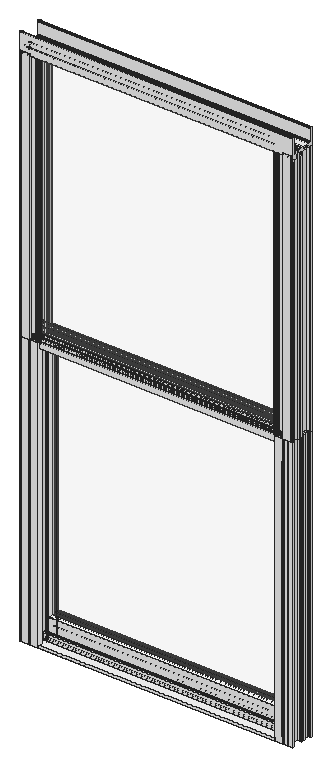
Revit family "Window_H650_Single-Hung-12-lb_Quaker", category Windows, host Wall, Revit 2026 (continued)
Definition of nested family "H650 Single Hung 12 lb-Window"
  Automatic sketch dimensions
    Sweep 4 sketch curve to Sweep 4 sketch curve = 0' - 0.23089"
    Sweep 4 sketch curve to Sweep 4 sketch curve = 0' - 0.10276"  (x2)
    Sweep 4 sketch curve to Sweep 4 sketch curve = 0' - 0.0175"  (x4)
    Sweep 4 sketch curve to Sweep 4 sketch curve = 0' - 0.03147"
    Sweep 4 sketch curve to Sweep 4 sketch curve = 0' - 0.13925"
    Sweep 4 sketch curve to Sweep 4 sketch curve = 0' - 0.03928"
    Sweep 4 sketch curve to Sweep 4 sketch curve = 0' - 0.093"
    Sweep 4 sketch curve to Sweep 4 sketch curve = 0' - 0.51831"
    Sweep 4 sketch curve to Sweep 4 sketch curve = 0' - 0.03169"
    Sweep 4 sketch curve to Sweep 4 sketch curve = 0' - 0.03857"
    Sweep 4 sketch curve to plane 1 "Center (Front/Back)" = 0' - 0.444"
    Sweep 4 sketch curve to Sweep 4 sketch curve = 0' - 0.13467"
    Sweep 4 sketch curve to plane 1 "Center (Front/Back)" = 0' - 0.48638"
    Sweep 4 sketch curve to Sweep 4 sketch curve = 0' - 0.00529"
    Sweep 4 sketch curve to plane 1 "Center (Front/Back)" = 0' - 0.41507"
    Sweep 4 sketch curve to Sweep 4 sketch curve = 0' - 0.01722"
    Sweep 4 sketch curve to Sweep 4 sketch curve = 0' - 0.02203"  (x2)
    Sweep 4 sketch curve to Sweep 4 sketch curve = 0' - 0.02989"
    Sweep 4 sketch curve to Sweep 4 sketch curve = 0' - 0.02778"
    Sweep 4 sketch curve to Sweep 4 sketch curve = 0' - 0.03233"
    Sweep 4 sketch curve to plane 1 "Center (Front/Back)" = 0' - 0.50303"
    Sweep 4 sketch curve to Sweep 4 sketch curve = 0' - 0.34421"
    Sweep 4 sketch curve to Sweep 4 sketch curve = 0' - 0.00434"
    Sweep 4 sketch curve to Sweep 4 sketch curve = 0' - 0.16217"
    Sweep 4 sketch curve to Sweep 4 sketch curve = 0' - 0.07141"
    Sweep 4 sketch curve to Sweep 4 sketch curve = 0' - 0.0822"
    Sweep 4 sketch curve to Sweep 4 sketch curve = 0' - 0.047"
    Sweep 4 sketch curve to Sweep 4 sketch curve = 0' - 0.01406"
    Sweep 4 sketch curve to Sweep 4 sketch curve = 0' - 0.0076"
    Sweep 4 sketch curve to Sweep 4 sketch curve = 0' - 0.09157"
    Sweep 4 sketch curve to Sweep 4 sketch curve = 0' - 0.01743"
    Sweep 4 sketch curve to Sweep 4 sketch curve = 0' - 0.1143"
    Sweep 4 sketch curve to Sweep 4 sketch curve = 0' - 0.0318"
    Sweep 4 sketch curve to Sweep 4 sketch curve = 0' - 0.078"
    Sweep 4 sketch curve to Sweep 4 sketch curve = 0' - 0.10005"
    Sweep 4 sketch curve to Sweep 4 sketch curve = 0' - 0.06357"
    Sweep 4 sketch curve to Sweep 4 sketch curve = 0' - 0.06372"
    Sweep 4 sketch curve to Sweep 4 sketch curve = 0' - 0.00481"  (x2)
    Sweep 4 sketch curve to Sweep 4 sketch curve = 0' - 0.16357"  (x2)
    Sweep 4 sketch curve to Sweep 4 sketch curve = 0' - 0 7/16"  (x2)
    Sweep 4 sketch curve to Sweep 4 sketch curve = 0' - 0.00015"
    Sweep 4 sketch curve to Sweep 4 sketch curve = 0' - 0.04025"
    Sweep 4 sketch curve to Sweep 4 sketch curve = 0' - 0.00347"
    Sweep 4 sketch curve to Sweep 4 sketch curve = 0' - 0.02347"
    Sweep 4 sketch curve to Sweep 4 sketch curve = 0' - 0.07357"
    Sweep 4 sketch curve to Sweep 4 sketch curve = 0' - 0.55284"
    Sweep 4 sketch curve to Sweep 4 sketch curve = 0' - 0.02863"
    Sweep 4 sketch curve to Sweep 4 sketch curve = 0' - 0.0025"
    Sweep 4 sketch curve to Sweep 4 sketch curve = 0' - 0.02621"  (x2)
    Sweep 4 sketch curve to Sweep 4 sketch curve = 0' - 0.09331"
    Sweep 4 sketch curve to Sweep 4 sketch curve = 0' - 0.15157"
    Sweep 4 sketch curve to Sweep 4 sketch curve = 0' - 0.04597"
    Sweep 4 sketch curve to Sweep 4 sketch curve = 0' - 0.01164"  (x2)
    Sweep 4 sketch curve to Sweep 4 sketch curve = 0' - 0.03422"  (x2)
    Sweep 4 sketch curve to Sweep 4 sketch curve = 0' - 0.06954"
    Sweep 4 sketch curve to Sweep 4 sketch curve = 0' - 0 1/8"  (x2)
    Sweep 4 sketch curve to Sweep 4 sketch curve = 0' - 0.0529"
    Sweep 4 sketch curve to Sweep 4 sketch curve = 0' - 0.01029"  (x3)
    Sweep 4 sketch curve to Sweep 4 sketch curve = 0' - 0.0105"
    Sweep 4 sketch curve to Sweep 4 sketch curve = 0' - 0.05225"  (x2)
    Sweep 4 sketch curve to Sweep 4 sketch curve = 0' - 0.00868"  (x2)
    Sweep 4 sketch curve to Sweep 4 sketch curve = 0' - 0.00936"  (x2)
    Sweep 4 sketch curve to Sweep 4 sketch curve = 0' - 0.02064"
    Sweep 4 sketch curve to Sweep 4 sketch curve = 0' - 0.04004"
    Sweep 4 sketch curve to Sweep 4 sketch curve = 0' - 0.05132"  (x2)
    Sweep 4 sketch curve to Sweep 4 sketch curve = 0' - 0.11"
    Sweep 4 sketch curve to Sweep 4 sketch curve = 0' - 0.06921"
    Sweep 4 sketch curve to Sweep 4 sketch curve = 0' - 0.00304"
    Sweep 4 sketch curve to Sweep 4 sketch curve = 0' - 0.0998"
    Sweep 4 sketch curve to Sweep 4 sketch curve = 0' - 0.00801"
    Sweep 4 sketch curve to Sweep 4 sketch curve = 0' - 0.01"
    Sweep 4 sketch curve to Sweep 4 sketch curve = 0' - 0.02"
    Sweep 4 sketch curve to Sweep 4 sketch curve = 0' - 0.013"
    plane 1 "Center (Front/Back)" to Sweep 4 sketch curve = 0' - 0.12148"
    Sweep 4 sketch curve to Sweep 4 sketch curve = 0' - 0.042"  (x2)
    Sweep 4 sketch curve to Sweep 4 sketch curve = 0' - 0.08"
    Sweep 4 sketch curve to Sweep 4 sketch curve = 0' - 0.08013"
    Sweep 4 sketch curve to Sweep 4 sketch curve = 0' - 0.07386"
    Sweep 4 sketch curve to Sweep 4 sketch curve = 0' - 0.01508"
    Sweep 4 sketch curve to Sweep 4 sketch curve = 0' - 0.05326"
    Sweep 4 sketch curve to Sweep 4 sketch curve = 0' - 0.07012"
    Sweep 4 sketch curve to Sweep 4 sketch curve = 0' - 0.10189"
    Sweep 4 sketch curve to Sweep 4 sketch curve = 0' - 0.08574"  (x5)
    Sweep 4 sketch curve to Sweep 4 sketch curve = 0' - 0.04745"
    Sweep 4 sketch curve to Sweep 4 sketch curve = 0' - 0.12651"
    Sweep 4 sketch curve to Sweep 4 sketch curve = 0' - 0.33483"
    Sweep 4 sketch curve to Sweep 4 sketch curve = 0' - 0.07649"
    Sweep 4 sketch curve to Sweep 4 sketch curve = 0' - 0.49997"
    Sweep 4 sketch curve to Sweep 4 sketch curve = 0' - 0 1/2"
    Sweep 4 sketch curve to Sweep 4 sketch curve = 0' - 0.06894"
    Sweep 4 sketch curve to Sweep 4 sketch curve = 0' - 0.16595"
    Sweep 4 sketch curve to Sweep 4 sketch curve = 0' - 0.08791"
    Sweep 4 sketch curve to Sweep 4 sketch curve = 0' - 0.02092"
    Sweep 4 sketch curve to Sweep 4 sketch curve = 0' - 0.06097"
    Sweep 4 sketch curve to Sweep 4 sketch curve = 0' - 0.2528"
    Sweep 4 sketch curve to Sweep 4 sketch curve = 0' - 0.02477"  (x3)
    Sweep 4 sketch curve to Sweep 4 sketch curve = 0' - 0.07229"
    Sweep 4 sketch curve to Sweep 4 sketch curve = 0' - 0.08733"
    Sweep 4 sketch curve to Sweep 4 sketch curve = 0' - 0.01735"
    Sweep 4 sketch curve to Sweep 4 sketch curve = 0' - 0.00968"  (x2)
    Sweep 4 sketch curve to Sweep 4 sketch curve = 0' - 0.02299"
    Sweep 4 sketch curve to Sweep 4 sketch curve = 0' - 0.05253"
    Sweep 4 sketch curve to Sweep 4 sketch curve = 0' - 0.00553"
    Sweep 4 sketch curve to profile plane = 0' - 0.1702"
    Sweep 5 sketch curve to Sweep 5 sketch curve = 0' - 0"  (x46)
    profile plane to Sweep 5 sketch curve = 0' - 0"
    Sweep 5 sketch curve to profile plane = 0' - 0.012"
    Sweep 5 sketch curve to profile plane = 0' - 0.062"  (x2)
    Sweep 5 sketch curve to plane 11 = 0' - 0.13697"
    Sweep 5 sketch curve to Sweep 5 sketch curve = 0' - 0.063"  (x4)
    Sweep 5 sketch curve to plane 11 = 0' - 0.05597"
    Sweep 5 sketch curve to Sweep 5 sketch curve = 0' - 0.10752"  (x2)
    Sweep 5 sketch curve to plane 11 = 0' - 0.11897"
    Sweep 5 sketch curve to Sweep 5 sketch curve = 0' - 0.23501"
    Sweep 5 sketch curve to Sweep 5 sketch curve = 0' - 0.15078"
    Sweep 5 sketch curve to Sweep 5 sketch curve = 0' - 0.03803"
    Sweep 5 sketch curve to Sweep 5 sketch curve = 0' - 0.0537"
    Sweep 5 sketch curve to plane 1 "Center (Front/Back)" = 0' - 0.40648"
    Sweep 5 sketch curve to profile plane = 0' - 0.67568"
    Sweep 5 sketch curve to profile plane = 0' - 0.67584"
    Sweep 5 sketch curve to Sweep 5 sketch curve = 0' - 0.00018"
    Sweep 5 sketch curve to profile plane = 0' - 0.72571"
    Sweep 5 sketch curve to Sweep 5 sketch curve = 0' - 0.0175"  (x4)
    Sweep 5 sketch curve to Sweep 5 sketch curve = 0' - 0.08016"
    Sweep 5 sketch curve to Sweep 5 sketch curve = 0' - 0.08"
    Sweep 5 sketch curve to Sweep 5 sketch curve = 0' - 0.03197"
    Sweep 5 sketch curve to Sweep 5 sketch curve = 0' - 0.05"  (x10)
    Sweep 5 sketch curve to Sweep 5 sketch curve = 0' - 0.08006"
    Sweep 5 sketch curve to Sweep 5 sketch curve = 0' - 0.03147"
    Sweep 5 sketch curve to Sweep 5 sketch curve = 0' - 0.08012"
    Sweep 5 sketch curve to Sweep 5 sketch curve = 0' - 0.22292"
    Sweep 5 sketch curve to plane 1 "Center (Front/Back)" = 0' - 0.42318"
    Sweep 5 sketch curve to Sweep 5 sketch curve = 0' - 0.11089"
    Sweep 5 sketch curve to Sweep 5 sketch curve = 0' - 0.03253"
    Sweep 5 sketch curve to Sweep 5 sketch curve = 0' - 0.01208"  (x2)
    Sweep 5 sketch curve to Sweep 5 sketch curve = 0' - 0.13925"
    Sweep 5 sketch curve to Sweep 5 sketch curve = 0' - 0.05585"  (x2)
    Sweep 5 sketch curve to Sweep 5 sketch curve = 0' - 0.055"  (x2)
    Sweep 5 sketch curve to Sweep 5 sketch curve = 0' - 0.03928"
    Sweep 5 sketch curve to Sweep 5 sketch curve = 0' - 0.093"
    Sweep 5 sketch curve to Sweep 5 sketch curve = 0' - 0.14514"
    Sweep 5 sketch curve to Sweep 5 sketch curve = 0' - 0.21666"
    Sweep 5 sketch curve to Sweep 5 sketch curve = 0' - 0.02746"
    Sweep 5 sketch curve to Sweep 5 sketch curve = 0' - 0.01003"
    Sweep 5 sketch curve to Sweep 5 sketch curve = 0' - 0.01121"  (x2)
    Sweep 5 sketch curve to Sweep 5 sketch curve = 0' - 0.03788"
    plane 10 to Sweep 5 sketch curve = 0' - 0.14603"
    Sweep 5 sketch curve to Sweep 5 sketch curve = 0' - 0.18535"
    Sweep 5 sketch curve to Sweep 5 sketch curve = 0' - 0.19827"
    Sweep 5 sketch curve to plane 1 "Center (Front/Back)" = 0' - 0.28318"
    Sweep 5 sketch curve to Sweep 5 sketch curve = 0' - 0.29496"
    Sweep 5 sketch curve to Sweep 5 sketch curve = 0' - 0.08293"  (x2)
    Sweep 5 sketch curve to Sweep 5 sketch curve = 0' - 0.03"
    Sweep 5 sketch curve to Sweep 5 sketch curve = 0' - 0.51831"
    Sweep 5 sketch curve to Sweep 5 sketch curve = 0' - 0.06"  (x7)
    Sweep 5 sketch curve to Sweep 5 sketch curve = 0' - 0.03169"
    Sweep 5 sketch curve to Sweep 5 sketch curve = 0' - 0.03857"
    Sweep 5 sketch curve to Sweep 5 sketch curve = 0' - 0.096"
    Sweep 5 sketch curve to Sweep 5 sketch curve = 0' - 0.17"
    Sweep 5 sketch curve to Sweep 5 sketch curve = 0' - 0.14"
    Sweep 5 sketch curve to Sweep 5 sketch curve = 0' - 0.216"
    Sweep 5 sketch curve to Sweep 5 sketch curve = 0' - 0 15/256"
    Sweep 5 sketch curve to Sweep 5 sketch curve = 0' - 0.05958"
    plane 1 "Center (Front/Back)" to Sweep 5 sketch curve = 0' - 0.38323"
    Sweep 5 sketch curve to Sweep 5 sketch curve = 0' - 0.13467"
    plane 1 "Center (Front/Back)" to Sweep 5 sketch curve = 0' - 0.42561"
    Sweep 5 sketch curve to Sweep 5 sketch curve = 0' - 0.00529"
    plane 1 "Center (Front/Back)" to Sweep 5 sketch curve = 0' - 0.3543"
    Sweep 5 sketch curve to Sweep 5 sketch curve = 0' - 0.01722"
    plane 1 "Center (Front/Back)" to Sweep 5 sketch curve = 0' - 0.44765"
    Sweep 5 sketch curve to Sweep 5 sketch curve = 0' - 0.02203"
    Sweep 5 sketch curve to Sweep 5 sketch curve = 0' - 0.02989"
    Sweep 5 sketch curve to Sweep 5 sketch curve = 0' - 0.02778"
    Sweep 5 sketch curve to Sweep 5 sketch curve = 0' - 0.13923"  (x2)
    Sweep 5 sketch curve to Sweep 5 sketch curve = 0' - 0.01077"  (x8)
    Sweep 5 sketch curve to Sweep 5 sketch curve = 0' - 0.0937"  (x2)
    Sweep 5 sketch curve to plane 1 "Center (Front/Back)" = 0' - 0.22616"  (x2)
    Sweep 5 sketch curve to Sweep 5 sketch curve = 0' - 0.2437"
    Sweep 5 sketch curve to Sweep 5 sketch curve = 0' - 0.11048"  (x8)
    plane 10 to Sweep 5 sketch curve = 0' - 0.00603"  (x2)
    Sweep 5 sketch curve to Sweep 5 sketch curve = 0' - 0.40529"
    plane 10 to Sweep 5 sketch curve = 0' - 0.06663"
    Sweep 5 sketch curve to Sweep 5 sketch curve = 0' - 0.08683"
    Sweep 5 sketch curve to plane 10 = 0' - 0.01717"
    Sweep 5 sketch curve to Sweep 5 sketch curve = 0' - 0.01491"
    Sweep 5 sketch curve to plane 10 = 0' - 0.16306"
    Sweep 5 sketch curve to Sweep 5 sketch curve = 0' - 0.03343"
    Sweep 5 sketch curve to plane 10 = 0' - 0.08319"
    Sweep 5 sketch curve to plane 10 = 0' - 0.0752"
    Sweep 5 sketch curve to Sweep 5 sketch curve = 0' - 0.02533"
    plane 10 to Sweep 5 sketch curve = 0' - 0.04793"
    Sweep 5 sketch curve to Sweep 5 sketch curve = 0' - 0.10649"
    Sweep 5 sketch curve to Sweep 5 sketch curve = 0' - 0.01048"
    plane 10 to Sweep 5 sketch curve = 0' - 0.02566"
    Sweep 5 sketch curve to Sweep 5 sketch curve = 0' - 0.01644"
    Sweep 5 sketch curve to Sweep 5 sketch curve = 0' - 0.01336"
    Sweep 5 sketch curve to Sweep 5 sketch curve = 0' - 0.08101"
    Sweep 5 sketch curve to Sweep 5 sketch curve = 0' - 0.0376"
    Sweep 5 sketch curve to plane 10 = 0' - 0.14141"
    Sweep 5 sketch curve to Sweep 5 sketch curve = 0' - 0.25123"
    Sweep 5 sketch curve to Sweep 5 sketch curve = 0' - 0.21364"
    Sweep 5 sketch curve to Sweep 5 sketch curve = 0' - 0.03445"
    Sweep 5 sketch curve to plane 1 "Center (Front/Back)" = 0' - 0.31616"
    Sweep 5 sketch curve to Sweep 5 sketch curve = 0' - 0.98882"
    Sweep 5 sketch curve to Sweep 5 sketch curve = 0' - 0.03609"
    Sweep 5 sketch curve to Sweep 5 sketch curve = 0' - 0.03931"
    Sweep 5 sketch curve to Sweep 5 sketch curve = 0' - 0.02109"
    Sweep 5 sketch curve to Sweep 5 sketch curve = 0' - 0.02359"
    Sweep 5 sketch curve to plane 10 = 0' - 0.25214"
    Sweep 5 sketch curve to Sweep 5 sketch curve = 0' - 0.0965"
    Sweep 5 sketch curve to plane 10 = 0' - 0.57332"
    Sweep 5 sketch curve to Sweep 5 sketch curve = 0' - 0.07954"
    plane 10 to Sweep 5 sketch curve = 0' - 0.06456"
    Sweep 5 sketch curve to Sweep 5 sketch curve = 0' - 0.05603"
    Sweep 5 sketch curve to Sweep 5 sketch curve = 0' - 0.00518"
    Sweep 5 sketch curve to Sweep 5 sketch curve = 0' - 0.03588"
    Sweep 5 sketch curve to plane 10 = 0' - 0.15537"
    Sweep 5 sketch curve to Sweep 5 sketch curve = 0' - 0.08752"
    Sweep 5 sketch curve to plane 10 = 0' - 0.23241"
    Sweep 5 sketch curve to Sweep 5 sketch curve = 0' - 0.00459"
    Sweep 5 sketch curve to plane 10 = 0' - 0.27267"
    Sweep 5 sketch curve to Sweep 5 sketch curve = 0' - 0.0024"  (x2)
    Sweep 5 sketch curve to plane 10 = 0' - 0.49278"
    Sweep 5 sketch curve to Sweep 5 sketch curve = 0' - 0.08849"
    Sweep 5 sketch curve to Sweep 5 sketch curve = 0' - 0.16993"  (x2)
    Sweep 5 sketch curve to plane 10 = 0' - 0.06479"
    Sweep 5 sketch curve to Sweep 5 sketch curve = 0' - 0.02213"
    Sweep 5 sketch curve to plane 10 = 0' - 0.53303"
    Sweep 5 sketch curve to plane 10 = 0' - 0.66112"
    Sweep 5 sketch curve to Sweep 5 sketch curve = 0' - 0.09333"
    Sweep 5 sketch curve to plane 10 = 0' - 0.29557"
    Sweep 5 sketch curve to Sweep 5 sketch curve = 0' - 0.04617"
    Sweep 5 sketch curve to plane 10 = 0' - 0.46652"
    Sweep 5 sketch curve to Sweep 5 sketch curve = 0' - 0.04012"
    Sweep 5 sketch curve to Sweep 5 sketch curve = 0' - 0.00778"  (x2)
    Sweep 5 sketch curve to Sweep 5 sketch curve = 0' - 0.04107"
    Sweep 5 sketch curve to plane 10 = 0' - 0.26422"
    Sweep 5 sketch curve to Sweep 5 sketch curve = 0' - 0.00958"  (x2)
    Sweep 5 sketch curve to plane 10 = 0' - 0.49581"
    Sweep 5 sketch curve to Sweep 5 sketch curve = 0' - 0.0503"
    Sweep 5 sketch curve to plane 10 = 0' - 0 21/256"
    Sweep 5 sketch curve to Sweep 5 sketch curve = 0' - 0.01062"
    Sweep 5 sketch curve to Sweep 5 sketch curve = 0' - 0.10757"
    Sweep 5 sketch curve to plane 10 = 0' - 0.17892"
    Sweep 5 sketch curve to Sweep 5 sketch curve = 0' - 0.01523"
    Sweep 5 sketch curve to plane 10 = 0' - 0.12435"
    plane 10 to Sweep 5 sketch curve = 0' - 0.2778"
    Sweep 5 sketch curve to Sweep 5 sketch curve = 0' - 0.03614"
    Sweep 5 sketch curve to Sweep 5 sketch curve = 0' - 0.039"
    Sweep 5 sketch curve to Sweep 5 sketch curve = 0' - 0.01274"  (x2)
    Sweep 5 sketch curve to plane 10 = 0' - 0.07283"
    Sweep 5 sketch curve to Sweep 5 sketch curve = 0' - 0.04116"
    Sweep 5 sketch curve to Sweep 5 sketch curve = 0' - 0.00087"
    plane 10 to Sweep 5 sketch curve = 0' - 0.32377"
    Sweep 5 sketch curve to Sweep 5 sketch curve = 0' - 0.042"
    Sweep 5 sketch curve to Sweep 5 sketch curve = 0' - 0.07306"
    Sweep 5 sketch curve to Sweep 5 sketch curve = 0' - 0.01415"
    Sweep 5 sketch curve to Sweep 5 sketch curve = 0' - 0.25926"
    Sweep 5 sketch curve to Sweep 5 sketch curve = 0' - 0.25927"
    plane 10 to Sweep 5 sketch curve = 0' - 0.41409"
    Sweep 5 sketch curve to Sweep 5 sketch curve = 0' - 0.10102"
    Sweep 5 sketch curve to Sweep 5 sketch curve = 0' - 0.07709"
    Sweep 5 sketch curve to Sweep 5 sketch curve = 0' - 0.07707"
    Sweep 5 sketch curve to Sweep 5 sketch curve = 0' - 0 1/8"  (x2)
    Sweep 5 sketch curve to Sweep 5 sketch curve = 0' - 0.01085"
    Sweep 5 sketch curve to Sweep 5 sketch curve = 0' - 0.04087"
    Sweep 5 sketch curve to Sweep 5 sketch curve = 0' - 0.28067"
    Sweep 5 sketch curve to plane 1 "Center (Front/Back)" = 0' - 0.14323"
    Sweep 5 sketch curve to Sweep 5 sketch curve = 0' - 0.04326"
    Sweep 5 sketch curve to Sweep 5 sketch curve = 0' - 0.26361"
    Sweep 5 sketch curve to Sweep 5 sketch curve = 0' - 0.0431"
    Sweep 5 sketch curve to Sweep 5 sketch curve = 0' - 0.05555"
    Sweep 5 sketch curve to Sweep 5 sketch curve = 0' - 0.01996"
    Sweep 5 sketch curve to Sweep 5 sketch curve = 0' - 0.00103"
    Sweep 5 sketch curve to Sweep 5 sketch curve = 0' - 0.0546"
    Sweep 5 sketch curve to Sweep 5 sketch curve = 0' - 0.22681"
    Sweep 5 sketch curve to Sweep 5 sketch curve = 0' - 0.04838"
    Sweep 5 sketch curve to Sweep 5 sketch curve = 0' - 0.00593"
    Sweep 5 sketch curve to Sweep 5 sketch curve = 0' - 0.02618"
    Sweep 5 sketch curve to Sweep 5 sketch curve = 0' - 0.02573"
    Sweep 5 sketch curve to Sweep 5 sketch curve = 0' - 0.12986"
    Sweep 5 sketch curve to Sweep 5 sketch curve = 0' - 0.05543"
    Sweep 5 sketch curve to Sweep 5 sketch curve = 0' - 0.15047"
    Sweep 5 sketch curve to Sweep 5 sketch curve = 0' - 0.02712"
    Sweep 5 sketch curve to plane 10 = 0' - 0.14983"
    Sweep 5 sketch curve to Sweep 5 sketch curve = 0' - 0.01258"
    Sweep 5 sketch curve to Sweep 5 sketch curve = 0' - 0.062"  (x3)
    Sweep 5 sketch curve to Sweep 5 sketch curve = 0' - 0.043"
    Sweep 5 sketch curve to Sweep 5 sketch curve = 0' - 0.025"  (x5)
    Sweep 5 sketch curve to Sweep 5 sketch curve = 0' - 0.005"
    Sweep 5 sketch curve to Sweep 5 sketch curve = 0' - 0.015"  (x3)
    Sweep 5 sketch curve to Sweep 5 sketch curve = 0' - 0.081"
    Sweep 5 sketch curve to Sweep 5 sketch curve = 0' - 0.10118"
    Sweep 5 sketch curve to Sweep 5 sketch curve = 0' - 0.03094"
    Sweep 5 sketch curve to Sweep 5 sketch curve = 0' - 0.0404"
    Sweep 5 sketch curve to Sweep 5 sketch curve = 0' - 0.01092"
    Sweep 5 sketch curve to Sweep 5 sketch curve = 0' - 0.00868"
    Sweep 5 sketch curve to Sweep 5 sketch curve = 0' - 0.0405"
    Sweep 5 sketch curve to Sweep 5 sketch curve = 0' - 0.10802"
    Sweep 5 sketch curve to Sweep 5 sketch curve = 0' - 0.01029"  (x2)
    Sweep 5 sketch curve to Sweep 5 sketch curve = 0' - 0.05225"
    Sweep 5 sketch curve to Sweep 5 sketch curve = 0' - 0.01549"  (x2)
    Sweep 5 sketch curve to Sweep 5 sketch curve = 0' - 0.13703"
    Sweep 5 sketch curve to Sweep 5 sketch curve = 0' - 0.01164"
    Sweep 5 sketch curve to Sweep 5 sketch curve = 0' - 0.09"  (x3)
    Sweep 5 sketch curve to Sweep 5 sketch curve = 0' - 0.05747"
    Sweep 5 sketch curve to Sweep 5 sketch curve = 0' - 0.02621"
    Sweep 5 sketch curve to Sweep 5 sketch curve = 0' - 0.17716"
    Sweep 5 sketch curve to Sweep 5 sketch curve = 0' - 0.07712"
    Sweep 5 sketch curve to Sweep 5 sketch curve = 0' - 0.22207"
    Sweep 5 sketch curve to Sweep 5 sketch curve = 0' - 0.64885"
    Sweep 5 sketch curve to Sweep 5 sketch curve = 0' - 0.21452"
    Sweep 5 sketch curve to Sweep 5 sketch curve = 0' - 0.06357"  (x2)
    Sweep 5 sketch curve to Sweep 5 sketch curve = 0' - 0.06372"
    Sweep 5 sketch curve to Sweep 5 sketch curve = 0' - 0.00481"  (x2)
    Sweep 5 sketch curve to Sweep 5 sketch curve = 0' - 0.16357"  (x3)
    Sweep 5 sketch curve to Sweep 5 sketch curve = 0' - 0.09504"
    Sweep 5 sketch curve to Sweep 5 sketch curve = 0' - 0 1/2"
    Sweep 5 sketch curve to Sweep 5 sketch curve = 0' - 0.39352"
    Sweep 5 sketch curve to Sweep 5 sketch curve = 0' - 0.00707"  (x2)
    Sweep 5 sketch curve to plane 1 "Center (Front/Back)" = 0' - 0.68606"
    Sweep 5 sketch curve to Sweep 5 sketch curve = 0' - 0.09442"
    Sweep 5 sketch curve to Sweep 5 sketch curve = 0' - 0.14159"
    Sweep 5 sketch curve to Sweep 5 sketch curve = 0' - 0.06853"
    Sweep 5 sketch curve to Sweep 5 sketch curve = 0' - 0.00015"
    Sweep 5 sketch curve to Sweep 5 sketch curve = 0' - 0.00293"
    Sweep 5 sketch curve to Sweep 5 sketch curve = 0' - 0.02"  (x2)
    Sweep 5 sketch curve to Sweep 5 sketch curve = 0' - 0.04558"
    plane 1 "Center (Front/Back)" to Sweep 5 sketch curve = 0' - 0.33765"
    Sweep 5 sketch curve to Sweep 5 sketch curve = 0' - 0.0475"
    Sweep 5 sketch curve to Sweep 5 sketch curve = 0' - 0.03113"
    Sweep 5 sketch curve to Sweep 5 sketch curve = 0' - 0.1136"
    Sweep 5 sketch curve to Sweep 5 sketch curve = 0' - 0.01743"
    Sweep 5 sketch curve to Sweep 5 sketch curve = 0' - 0.1143"
    Sweep 5 sketch curve to Sweep 5 sketch curve = 0' - 0.0318"
    Sweep 5 sketch curve to Sweep 5 sketch curve = 0' - 0.078"
    Sweep 5 sketch curve to Sweep 5 sketch curve = 0' - 0.65225"
    Sweep 5 sketch curve to Sweep 5 sketch curve = 0' - 0.18547"
    Sweep 5 sketch curve to Sweep 5 sketch curve = 0' - 0.01307"
